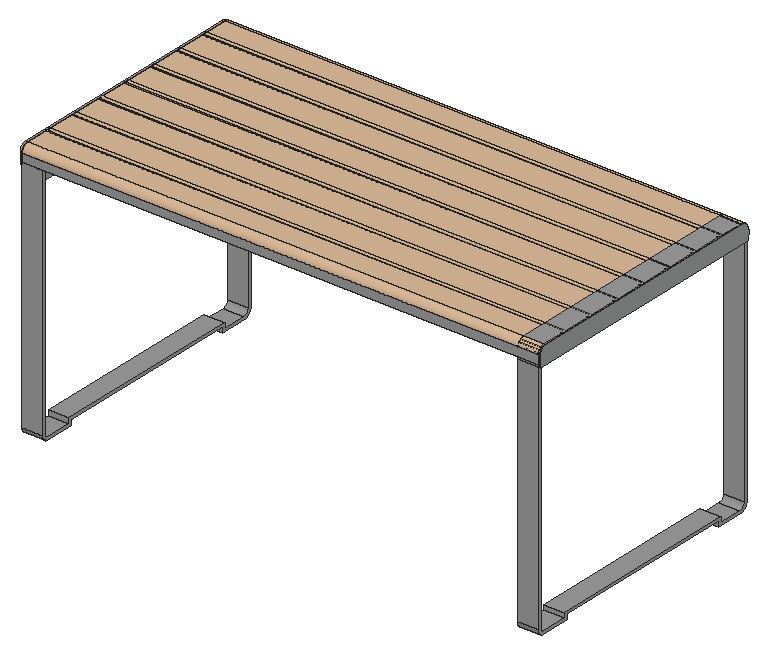
Revit family "1212-S-L", category Meble, Revit 2021
Family settings
  Numer OmniClass = 23.40.20.00
  Tytuł OmniClass = General Furniture and Specialties
  Oparty na płaszczyźnie roboczej = Nie
  Zawsze pionowo = Tak
  Tnij formami wycięć po wczytaniu = Nie
  Współdzielony = Nie
  Punkt obliczania pomieszczeń = Nie
Parameters (values of type "1212-S-L")
  wood = Mobilis Design Wood - Larch
  metal = Mobilis Design RAL 9023
  Width = "75 cm"
  Weight = "55 kg"
  URL = ""
  Product line = "Tucana"
  Product Groups = ""
  Manufacturer = ""
  Keynote = ""
  Description = ""
  Model = "1212-S-L"
  Material = ""
  Maintenance = ""
  Lenght = "150 cm"
  Type Comments = ""
  Mobilis Design Materials = ""
  Hosted on = ""
  Height = "75 cm"
  Domyślna rzędna = 0 mm
  Copyright = "All designs and drawings are the common intellectual property of Lars Laj A/S and Tress and are protected by Danish and international copyright laws."
Reference planes
  plane 1 "front": y = 0
  plane 2: z = 0
  plane 3 "Środek (Lewa/Prawa)": x = 0
Forms (mm)
  Extrusion 1, solid, material "Mobilis Design Wood - Larch" <- "wood"
    sketch origin (0, -51.366, 319.828) x (0, 1, 0) y (0, 0, 1)
      loop
        arc (244.222, 429.703) -> (240.686, 428.239) -> (239.222, 424.703) r 5
        line (239.222, 424.703) -> (239.222, 388.972)
        arc (239.222, 388.972) -> (239.796, 387.586) -> (241.182, 387.012) r 1.96
        line (241.182, 387.012) -> (327.222, 387.012)
        arc (327.222, 387.012) -> (328.636, 387.598) -> (329.222, 389.012) r 2
        line (329.222, 389.012) -> (329.222, 424.703)
        arc (329.222, 424.703) -> (327.757, 428.239) -> (324.222, 429.703) r 5
        line (324.222, 429.703) -> (244.222, 429.703)
    from -745.625 to 745.937
  Extrusion 2, solid, material "Mobilis Design Wood - Larch" <- "wood"
    sketch origin (0, -153.815, 319.828) x (0, 1, 0) y (0, 0, 1)
      loop
        arc (252.671, 429.703) -> (249.136, 428.239) -> (247.671, 424.703) r 5
        line (247.671, 424.703) -> (247.671, 388.972)
        arc (247.671, 388.972) -> (248.245, 387.586) -> (249.631, 387.012) r 1.96
        line (249.631, 387.012) -> (335.671, 387.012)
        arc (335.671, 387.012) -> (337.085, 387.598) -> (337.671, 389.012) r 2
        line (337.671, 389.012) -> (337.671, 424.703)
        arc (337.671, 424.703) -> (336.207, 428.239) -> (332.671, 429.703) r 5
        line (332.671, 429.703) -> (252.671, 429.703)
    from -745.625 to 745.937
  Extrusion 3, solid, material "Mobilis Design Wood - Larch" <- "wood"
    sketch origin (0, -256.002, 319.828) x (0, 1, 0) y (0, 0, 1)
      loop
        arc (275.801, 429.704) -> (261.616, 423.828) -> (255.74, 409.642) r 20.061
        line (255.74, 409.642) -> (258.916, 409.642) -> (258.916, 387.013) -> (344.172, 387.013)
        arc (344.172, 387.013) -> (345.585, 387.598) -> (346.171, 389.012) r 1.999
        line (346.171, 389.012) -> (346.171, 424.706)
        arc (346.171, 424.706) -> (344.707, 428.24) -> (341.173, 429.704) r 4.998
        line (341.173, 429.704) -> (275.801, 429.704)
    from -745.625 to 745.937
  Extrusion 4, solid, material "Mobilis Design RAL 9023" <- "metal", not visible
    sketch origin (0, 0, 0) x (0, 1, 0) y (0, 0, 1)
      loop
        arc (71.187, 451.5) -> (57.045, 445.642) -> (51.187, 431.5) r 20
        line (51.187, 431.5) -> (51.187, 18.231)
        arc (51.187, 18.231) -> (56.527, 5.34) -> (69.418, 0) r 18.231
        line (69.418, 0) -> (153.638, 0) -> (153.638, 15) -> (448.638, 15) -> (448.638, 0) -> (527.023, 0)
        arc (527.023, 0) -> (542.307, 6.331) -> (548.638, 21.615) r 21.615
        line (548.638, 21.615) -> (548.638, 429.407)
        arc (548.638, 429.407) -> (542.168, 445.029) -> (526.545, 451.5) r 22.093
        line (526.545, 451.5) -> (71.187, 451.5)
    from 750.378 to 745
  Extrusion 5, solid, material "Mobilis Design RAL 9023" <- "metal", not visible
    sketch origin (0, 0, 0) x (0, 1, 0) y (0, 0, 1)
      loop
        line (548.638, 396.844) -> (629.375, 854.725) -> (601.836, 859.581)
        arc (601.836, 859.581) -> (585.224, 855.898) -> (576.082, 841.547) r 22.232
        line (576.082, 841.547) -> (507.306, 451.5) -> (526.545, 451.5)
        arc (526.545, 451.5) -> (542.168, 445.029) -> (548.638, 429.407) r 22.093
        line (548.638, 429.407) -> (548.638, 396.844)
    from 745 to 750.378
  Extrusion 6, solid, material "Mobilis Design RAL 9023" <- "metal"
    sketch origin (0, -51.25, 0) x (0, -1, 0) y (0, 0, 1)
      loop
        line (-71.187, 749.531) -> (-779.045, 749.531)
        arc (-779.045, 749.531) -> (-794.668, 743.06) -> (-801.138, 727.438) r 22.093
        line (-801.138, 727.438) -> (-801.138, 697.931) -> (-51.187, 697.931) -> (-51.187, 729.531)
        arc (-51.187, 729.531) -> (-57.045, 743.673) -> (-71.187, 749.531) r 20
    from 750.725 to 745.625
  Extrusion 7, solid, material "Mobilis Design RAL 9023" <- "metal"
    sketch origin (0, -51.25, 0) x (0, 1, 0) y (0, 0, 1)
      loop
        line (801.138, 23.296) -> (801.138, 704.508) -> (51.187, 704.508) -> (51.187, 18.763)
        arc (51.187, 18.763) -> (56.683, 5.495) -> (69.95, 0) r 18.763
        line (69.95, 0) -> (153.638, 0) -> (153.638, 15) -> (701.138, 15) -> (701.138, 0) -> (777.842, 0)
        arc (777.842, 0) -> (794.315, 6.823) -> (801.138, 23.296) r 23.296
      loop
        line (58.687, 697.931) -> (58.687, 18.763)
        arc (58.687, 18.763) -> (61.986, 10.799) -> (69.95, 7.5) r 11.263
        line (69.95, 7.5) -> (146.138, 7.5) -> (146.138, 22.5) -> (708.638, 22.5) -> (708.638, 7.5) -> (777.842, 7.5)
        arc (777.842, 7.5) -> (789.012, 12.127) -> (793.638, 23.296) r 15.796
        line (793.638, 23.296) -> (793.638, 697.931) -> (58.687, 697.931)
    from -745.625 to -685.625
  Extrusion 8, solid, material "Mobilis Design RAL 9023" <- "metal"
    sketch origin (0, -51.335, 298.368) x (0, 1, 0) y (0, 0, 1)
      loop
        line (53.936, 431.102) -> (51.187, 431.102) -> (51.187, 406.163) -> (74.817, 406.163) -> (74.817, 408.472) -> (53.936, 408.472) -> (53.936, 431.102)
    from -745.625 to 745.937
  Extrusion 9, solid, material "Mobilis Design Wood - Larch" <- "wood"
    sketch origin (0, 1006.419, 319.828) x (0, -1, 0) y (0, 0, -1)
      loop
        line (275.801, -429.704) -> (342.815, -429.704)
        arc (342.815, -429.704) -> (346.349, -428.24) -> (347.813, -424.706) r 4.998
        line (347.813, -424.706) -> (347.813, -389.012)
        arc (347.813, -389.012) -> (347.227, -387.598) -> (345.813, -387.013) r 1.999
        line (345.813, -387.013) -> (258.705, -387.013) -> (258.705, -409.642) -> (255.74, -409.642)
        arc (255.74, -409.642) -> (261.616, -423.828) -> (275.801, -429.704) r 20.061
    from -745.625 to 745.938
  Extrusion 10, solid, material "Mobilis Design Wood - Larch" <- "wood"
    sketch origin (0, 137.384, 319.828) x (0, 1, 0) y (0, 0, 1)
      loop
        arc (244.222, 429.703) -> (240.686, 428.239) -> (239.222, 424.703) r 5
        line (239.222, 424.703) -> (239.222, 388.972)
        arc (239.222, 388.972) -> (239.796, 387.586) -> (241.182, 387.012) r 1.96
        line (241.182, 387.012) -> (327.222, 387.012)
        arc (327.222, 387.012) -> (328.636, 387.598) -> (329.222, 389.012) r 2
        line (329.222, 389.012) -> (329.222, 424.703)
        arc (329.222, 424.703) -> (327.757, 428.239) -> (324.222, 429.703) r 5
        line (324.222, 429.703) -> (244.222, 429.703)
    from -745.625 to 745.937
  Extrusion 11, solid, material "Mobilis Design Wood - Larch" <- "wood"
    sketch origin (0, 34.935, 319.828) x (0, 1, 0) y (0, 0, 1)
      loop
        arc (252.671, 429.703) -> (249.136, 428.239) -> (247.671, 424.703) r 5
        line (247.671, 424.703) -> (247.671, 388.972)
        arc (247.671, 388.972) -> (248.245, 387.586) -> (249.631, 387.012) r 1.96
        line (249.631, 387.012) -> (335.671, 387.012)
        arc (335.671, 387.012) -> (337.085, 387.598) -> (337.671, 389.012) r 2
        line (337.671, 389.012) -> (337.671, 424.703)
        arc (337.671, 424.703) -> (336.207, 428.239) -> (332.671, 429.703) r 5
        line (332.671, 429.703) -> (252.671, 429.703)
    from -745.625 to 745.937
  Extrusion 12, solid, material "Mobilis Design Wood - Larch" <- "wood"
    sketch origin (0, 325.384, 319.828) x (0, 1, 0) y (0, 0, 1)
      loop
        arc (244.222, 429.703) -> (240.686, 428.239) -> (239.222, 424.703) r 5
        line (239.222, 424.703) -> (239.222, 388.972)
        arc (239.222, 388.972) -> (239.796, 387.586) -> (241.182, 387.012) r 1.96
        line (241.182, 387.012) -> (327.222, 387.012)
        arc (327.222, 387.012) -> (328.636, 387.598) -> (329.222, 389.012) r 2
        line (329.222, 389.012) -> (329.222, 424.703)
        arc (329.222, 424.703) -> (327.757, 428.239) -> (324.222, 429.703) r 5
        line (324.222, 429.703) -> (244.222, 429.703)
    from -745.625 to 745.937
  Extrusion 13, solid, material "Mobilis Design Wood - Larch" <- "wood"
    sketch origin (0, 222.31, 319.828) x (0, 1, 0) y (0, 0, 1)
      loop
        arc (252.671, 429.703) -> (249.136, 428.239) -> (247.671, 424.703) r 5
        line (247.671, 424.703) -> (247.671, 388.972)
        arc (247.671, 388.972) -> (248.245, 387.586) -> (249.631, 387.012) r 1.96
        line (249.631, 387.012) -> (335.671, 387.012)
        arc (335.671, 387.012) -> (337.085, 387.598) -> (337.671, 389.012) r 2
        line (337.671, 389.012) -> (337.671, 424.703)
        arc (337.671, 424.703) -> (336.207, 428.239) -> (332.671, 429.703) r 5
        line (332.671, 429.703) -> (252.671, 429.703)
    from -745.625 to 745.937
  Extrusion 14, solid, material "Mobilis Design Wood - Larch" <- "wood", not visible
    sketch origin (0, -896.088, 385.255) x (0, 1, 0) y (0, 0, 1)
      loop
        arc (244.222, 429.703) -> (240.686, 428.239) -> (239.222, 424.703) r 5
        line (239.222, 424.703) -> (239.222, 388.972)
        arc (239.222, 388.972) -> (239.796, 387.586) -> (241.182, 387.012) r 1.96
        line (241.182, 387.012) -> (327.222, 387.012)
        arc (327.222, 387.012) -> (328.636, 387.598) -> (329.222, 389.012) r 2
        line (329.222, 389.012) -> (329.222, 424.703)
        arc (329.222, 424.703) -> (327.757, 428.239) -> (324.222, 429.703) r 5
        line (324.222, 429.703) -> (244.222, 429.703)
    from -745.625 to 745.937
  Extrusion 15, solid, material "Mobilis Design Wood - Larch" <- "wood", not visible
    sketch origin (0, -998.538, 385.255) x (0, 1, 0) y (0, 0, 1)
      loop
        arc (252.671, 429.703) -> (249.136, 428.239) -> (247.671, 424.703) r 5
        line (247.671, 424.703) -> (247.671, 388.972)
        arc (247.671, 388.972) -> (248.245, 387.586) -> (249.631, 387.012) r 1.96
        line (249.631, 387.012) -> (335.671, 387.012)
        arc (335.671, 387.012) -> (337.085, 387.598) -> (337.671, 389.012) r 2
        line (337.671, 389.012) -> (337.671, 424.703)
        arc (337.671, 424.703) -> (336.207, 428.239) -> (332.671, 429.703) r 5
        line (332.671, 429.703) -> (252.671, 429.703)
    from -745.625 to 745.937
  Extrusion 16, solid, material "Mobilis Design Wood - Larch" <- "wood", not visible
    sketch origin (0, -1101.038, 385.255) x (0, 1, 0) y (0, 0, 1)
      loop
        arc (275.801, 429.704) -> (261.616, 423.828) -> (255.74, 409.642) r 20.061
        line (255.74, 409.642) -> (258.916, 409.642) -> (258.916, 387.013) -> (344.172, 387.013)
        arc (344.172, 387.013) -> (345.585, 387.598) -> (346.171, 389.012) r 1.999
        line (346.171, 389.012) -> (346.171, 424.706)
        arc (346.171, 424.706) -> (344.707, 428.24) -> (341.173, 429.704) r 4.998
        line (341.173, 429.704) -> (275.801, 429.704)
    from -745.625 to 745.937
  Extrusion 17, solid, material "Mobilis Design RAL 9023" <- "metal", not visible
    sketch origin (0, -896.058, 363.795) x (0, 1, 0) y (0, 0, 1)
      loop
        line (53.936, 431.102) -> (51.187, 431.102) -> (51.187, 407.787) -> (53.936, 407.787) -> (53.936, 431.102)
    from -745.625 to 745.937
  Extrusion 18, solid, material "Mobilis Design Wood - Larch" <- "wood", not visible
    sketch origin (0, 162.946, 385.255) x (0, -1, 0) y (0, 0, -1)
      loop
        line (275.801, -429.704) -> (342.815, -429.704)
        arc (342.815, -429.704) -> (346.349, -428.24) -> (347.813, -424.706) r 4.998
        line (347.813, -424.706) -> (347.813, -389.012)
        arc (347.813, -389.012) -> (347.227, -387.598) -> (345.813, -387.013) r 1.999
        line (345.813, -387.013) -> (258.705, -387.013) -> (258.705, -409.642) -> (255.74, -409.642)
        arc (255.74, -409.642) -> (261.616, -423.828) -> (275.801, -429.704) r 20.061
    from -745.625 to 745.938
  Extrusion 19, solid, material "Mobilis Design RAL 9023" <- "metal", not visible
    sketch origin (0, -41.823, 363.795) x (0, -1, 0) y (0, 0, -1)
      loop
        line (53.936, -431.102) -> (53.936, -407.787) -> (51.187, -407.787) -> (51.187, -431.102) -> (53.936, -431.102)
    from -745.625 to 745.938
  Extrusion 20, solid, material "Mobilis Design Wood - Larch" <- "wood", not visible
    sketch origin (0, -707.338, 385.255) x (0, 1, 0) y (0, 0, 1)
      loop
        arc (244.222, 429.703) -> (240.686, 428.239) -> (239.222, 424.703) r 5
        line (239.222, 424.703) -> (239.222, 388.972)
        arc (239.222, 388.972) -> (239.796, 387.586) -> (241.182, 387.012) r 1.96
        line (241.182, 387.012) -> (327.222, 387.012)
        arc (327.222, 387.012) -> (328.636, 387.598) -> (329.222, 389.012) r 2
        line (329.222, 389.012) -> (329.222, 424.703)
        arc (329.222, 424.703) -> (327.757, 428.239) -> (324.222, 429.703) r 5
        line (324.222, 429.703) -> (244.222, 429.703)
    from -745.625 to 745.937
  Extrusion 21, solid, material "Mobilis Design Wood - Larch" <- "wood", not visible
    sketch origin (0, -809.788, 385.255) x (0, 1, 0) y (0, 0, 1)
      loop
        arc (252.671, 429.703) -> (249.136, 428.239) -> (247.671, 424.703) r 5
        line (247.671, 424.703) -> (247.671, 388.972)
        arc (247.671, 388.972) -> (248.245, 387.586) -> (249.631, 387.012) r 1.96
        line (249.631, 387.012) -> (335.671, 387.012)
        arc (335.671, 387.012) -> (337.085, 387.598) -> (337.671, 389.012) r 2
        line (337.671, 389.012) -> (337.671, 424.703)
        arc (337.671, 424.703) -> (336.207, 428.239) -> (332.671, 429.703) r 5
        line (332.671, 429.703) -> (252.671, 429.703)
    from -745.625 to 745.937
  Extrusion 22, solid, material "Mobilis Design Wood - Larch" <- "wood", not visible
    sketch origin (0, -519.338, 385.255) x (0, 1, 0) y (0, 0, 1)
      loop
        arc (244.222, 429.703) -> (240.686, 428.239) -> (239.222, 424.703) r 5
        line (239.222, 424.703) -> (239.222, 388.972)
        arc (239.222, 388.972) -> (239.796, 387.586) -> (241.182, 387.012) r 1.96
        line (241.182, 387.012) -> (327.222, 387.012)
        arc (327.222, 387.012) -> (328.636, 387.598) -> (329.222, 389.012) r 2
        line (329.222, 389.012) -> (329.222, 424.703)
        arc (329.222, 424.703) -> (327.757, 428.239) -> (324.222, 429.703) r 5
        line (324.222, 429.703) -> (244.222, 429.703)
    from -745.625 to 745.937
  Extrusion 23, solid, material "Mobilis Design Wood - Larch" <- "wood", not visible
    sketch origin (0, -621.788, 385.255) x (0, 1, 0) y (0, 0, 1)
      loop
        arc (252.671, 429.703) -> (249.136, 428.239) -> (247.671, 424.703) r 5
        line (247.671, 424.703) -> (247.671, 388.972)
        arc (247.671, 388.972) -> (248.245, 387.586) -> (249.631, 387.012) r 1.96
        line (249.631, 387.012) -> (335.671, 387.012)
        arc (335.671, 387.012) -> (337.085, 387.598) -> (337.671, 389.012) r 2
        line (337.671, 389.012) -> (337.671, 424.703)
        arc (337.671, 424.703) -> (336.207, 428.239) -> (332.671, 429.703) r 5
        line (332.671, 429.703) -> (252.671, 429.703)
    from -745.625 to 745.937
  Extrusion 24, solid, material "Mobilis Design RAL 9023" <- "metal"
    sketch origin (0, -51.25, 0) x (0, 1, 0) y (0, 0, -1)
      loop
        arc (801.138, -23.296) -> (794.315, -6.823) -> (777.842, 0) r 23.296
        line (777.842, 0) -> (701.138, 0) -> (701.138, -15) -> (153.638, -15) -> (153.638, 0) -> (69.95, 0)
        arc (69.95, 0) -> (56.683, -5.495) -> (51.187, -18.763) r 18.763
        line (51.187, -18.763) -> (51.187, -704.508) -> (801.138, -704.508) -> (801.138, -23.296)
      loop
        line (58.687, -697.931) -> (793.638, -697.931) -> (793.638, -23.296)
        arc (793.638, -23.296) -> (789.012, -12.127) -> (777.842, -7.5) r 15.796
        line (777.842, -7.5) -> (708.638, -7.5) -> (708.638, -22.5) -> (146.138, -22.5) -> (146.138, -7.5) -> (69.95, -7.5)
        arc (69.95, -7.5) -> (61.986, -10.799) -> (58.687, -18.763) r 11.263
        line (58.687, -18.763) -> (58.687, -697.931)
    from -745.625 to -685.625
  Extrusion 25, solid, material "Mobilis Design RAL 9023" <- "metal"
    sketch origin (0, 0, 0) x (1, 0, 0) y (0, 1, 0)
      loop
        line (33.187, 23.482) -> (33.187, 726.792) -> (-26.813, 726.792) -> (-26.813, 23.482) -> (33.187, 23.482)
    from 704.508 to 706.84
  Extrusion 26, solid, material "Mobilis Design RAL 9023" <- "metal"
    sketch origin (0, 801.61, 298.368) x (0, -1, 0) y (0, 0, -1)
      loop
        line (53.936, -431.102) -> (53.936, -408.472) -> (74.817, -408.472) -> (74.817, -406.163) -> (51.187, -406.163) -> (51.187, -431.102) -> (53.936, -431.102)
    from -745.625 to 745.937
  Extrusion 27, solid, material "Mobilis Design RAL 9023" <- "metal"
    sketch origin (0, -51.25, 0) x (0, -1, 0) y (0, 0, -1)
      loop
        arc (-71.187, -749.531) -> (-57.045, -743.673) -> (-51.187, -729.531) r 20
        line (-51.187, -729.531) -> (-51.187, -697.931) -> (-801.138, -697.931) -> (-801.138, -727.438)
        arc (-801.138, -727.438) -> (-794.668, -743.06) -> (-779.045, -749.531) r 22.093
        line (-779.045, -749.531) -> (-71.187, -749.531)
    from 750.725 to 685.625
  Extrusion 28, solid, material "Mobilis Design RAL 9023" <- "metal"
    sketch origin (0, 0, 0) x (1, 0, 0) y (0, 0, 1)
      loop
        line (704.184, 704.508) -> (698.184, 704.508) -> (698.184, 665.26) -> (704.184, 665.26) -> (704.184, 704.508)
    from -742.388 to -7.437
  Extrusion 29, solid, material "Mobilis Design RAL 9023" <- "metal"
    sketch origin (0, 0, 0) x (-1, 0, 0) y (0, 0, -1)
      loop
        line (704.184, -704.508) -> (704.184, -665.26) -> (698.184, -665.26) -> (698.184, -704.508) -> (704.184, -704.508)
    from -742.388 to -7.437
  Extrusion 30, solid, material "Mobilis Design RAL 9023" <- "metal"
    sketch origin (14.003, 842.5, 0) x (0, 1, 0) y (0, 0, 1)
      loop
        line (-818.475, 704.508) -> (-780.227, 666.26) -> (-164.793, 666.26) -> (-115.838, 704.508) -> (-818.475, 704.508)
    from 15.184 to 19.184
  Extrusion 31, solid, material "Mobilis Design RAL 9023" <- "metal"
    sketch origin (-671.37, 0, 0) x (1, 0, 0) y (0, 1, 0)
      loop
        line (33.187, 23.482) -> (33.187, 726.792) -> (-74.255, 726.792) -> (-74.255, 23.482) -> (33.187, 23.482)
    from 704.508 to 706.84
  Extrusion 32, solid, material "Mobilis Design RAL 9023" <- "metal"
    sketch origin (671.37, 0, 0) x (-1, 0, 0) y (0, -1, 0)
      loop
        line (33.187, -23.482) -> (-26.813, -23.482) -> (-26.813, -726.792) -> (33.187, -726.792) -> (33.187, -23.482)
    from 704.508 to 706.84
Lines and regions (mm)
  model lines, style "8"
    curve 1: line (0, -170.5, 1054) -> (0, -158, 1054)
    curve 2: line (0, -170.5, 1054) -> (0, -158, 1054)
Dimensions and locks
  Extrusion 1 sketch curve to Extrusion 1 sketch curve = 90 mm
  Extrusion 1 sketch curve to Extrusion 1 sketch curve = 42.691 mm
  Extrusion 2 sketch curve to Extrusion 2 sketch curve = 90 mm
  Extrusion 2 sketch curve to Extrusion 2 sketch curve = 42.691 mm
  Extrusion 3 sketch curve to Extrusion 3 sketch curve = 42.691 mm
  Extrusion 9 sketch curve to Extrusion 9 sketch curve = 42.691 mm
  Extrusion 10 sketch curve to Extrusion 10 sketch curve = 90 mm
  Extrusion 10 sketch curve to Extrusion 10 sketch curve = 42.691 mm
  Extrusion 11 sketch curve to Extrusion 11 sketch curve = 90 mm
  Extrusion 11 sketch curve to Extrusion 11 sketch curve = 42.691 mm
  Extrusion 12 sketch curve to Extrusion 12 sketch curve = 90 mm
  Extrusion 12 sketch curve to Extrusion 12 sketch curve = 42.691 mm
  Extrusion 13 sketch curve to Extrusion 13 sketch curve = 90 mm
  Extrusion 13 sketch curve to Extrusion 13 sketch curve = 42.691 mm
  Extrusion 14 sketch curve to Extrusion 14 sketch curve = 90 mm
  Extrusion 14 sketch curve to Extrusion 14 sketch curve = 42.691 mm
  Extrusion 15 sketch curve to Extrusion 15 sketch curve = 90 mm
  Extrusion 15 sketch curve to Extrusion 15 sketch curve = 42.691 mm
  Extrusion 16 sketch curve to Extrusion 16 sketch curve = 42.691 mm
  Extrusion 18 sketch curve to Extrusion 18 sketch curve = 42.691 mm
  Extrusion 20 sketch curve to Extrusion 20 sketch curve = 90 mm
  Extrusion 20 sketch curve to Extrusion 20 sketch curve = 42.691 mm
  Extrusion 21 sketch curve to Extrusion 21 sketch curve = 90 mm
  Extrusion 21 sketch curve to Extrusion 21 sketch curve = 42.691 mm
  Extrusion 22 sketch curve to Extrusion 22 sketch curve = 90 mm
  Extrusion 22 sketch curve to Extrusion 22 sketch curve = 42.691 mm
  Extrusion 23 sketch curve to Extrusion 23 sketch curve = 90 mm
  Extrusion 23 sketch curve to Extrusion 23 sketch curve = 42.691 mm
  Extrusion 7 sketch curve to Extrusion 6 = 749.951 mm
  aligned and locked: level to plane 2
